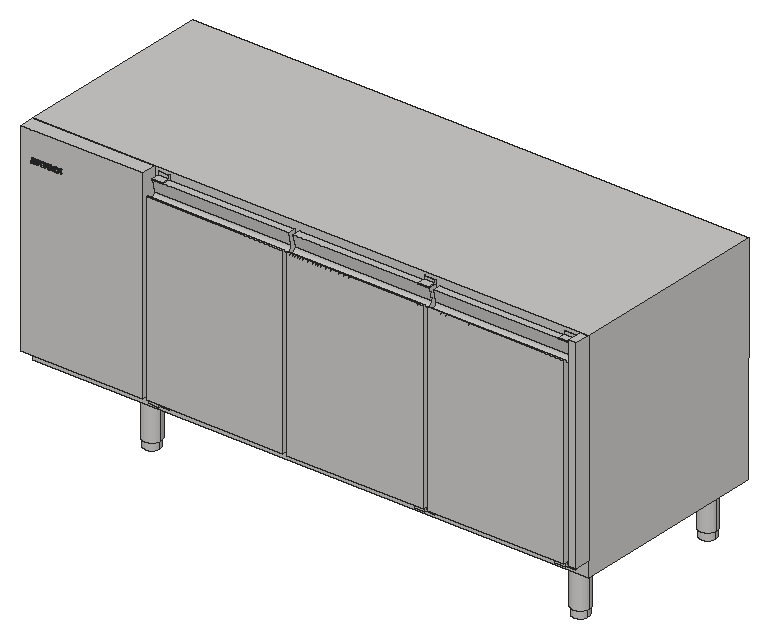
Revit family "QF_ALPENINOX_712199_AK3F7AAA", category Specialty Equipment, Revit 2018 (continued)
Definition of nested family "APX_BI_BT_L"
  Automatic sketch dimensions
    Extrusion 4 sketch curve to Extrusion 4 sketch curve = 2.288 mm  (x2)
    Extrusion 4 sketch curve to Extrusion 4 sketch curve = 0.533 mm  (x4)
    Extrusion 4 sketch curve to Extrusion 4 sketch curve = 0.732 mm
    Extrusion 4 sketch curve to Extrusion 4 sketch curve = 0.14 mm  (x4)
    Extrusion 4 sketch curve to Extrusion 4 sketch curve = 0.075 mm
    Extrusion 4 sketch curve to Extrusion 4 sketch curve = 0.31 mm  (x2)
    Extrusion 4 sketch curve to Extrusion 4 sketch curve = 0.473 mm
    Extrusion 4 sketch curve to Extrusion 4 sketch curve = 0.171 mm
    Extrusion 4 sketch curve to Extrusion 4 sketch curve = 0.674 mm
    Extrusion 4 sketch curve to Extrusion 4 sketch curve = 1.992 mm
    Extrusion 4 sketch curve to Extrusion 4 sketch curve = 5.4 mm
    Extrusion 4 sketch curve to Extrusion 4 sketch curve = 3.473 mm  (x2)
    Extrusion 4 sketch curve to Extrusion 4 sketch curve = 2.32 mm
    Extrusion 4 sketch curve to Extrusion 4 sketch curve = 2.431 mm
    Extrusion 4 sketch curve to Extrusion 4 sketch curve = 1.177 mm
    Extrusion 4 sketch curve to Extrusion 4 sketch curve = 0.966 mm
    Extrusion 4 sketch curve to Extrusion 4 sketch curve = 2.544 mm
    Extrusion 4 sketch curve to Extrusion 4 sketch curve = 0.346 mm
    Extrusion 4 sketch curve to Extrusion 4 sketch curve = 0.037 mm
    Extrusion 4 sketch curve to Extrusion 4 sketch curve = 2.58 mm  (x2)
    Extrusion 4 sketch curve to Extrusion 4 sketch curve = 0.793 mm  (x2)
    Extrusion 4 sketch curve to Extrusion 4 sketch curve = 0.276 mm
    Extrusion 4 sketch curve to Extrusion 4 sketch curve = 3.452 mm  (x2)
    Extrusion 4 sketch curve to Extrusion 4 sketch curve = 1.238 mm
    Extrusion 4 sketch curve to Extrusion 4 sketch curve = 3.023 mm
    Extrusion 4 sketch curve to Extrusion 4 sketch curve = 0.834 mm  (x2)
    Extrusion 4 sketch curve to Extrusion 4 sketch curve = 0.529 mm
    Extrusion 4 sketch curve to Extrusion 4 sketch curve = 0.823 mm  (x2)
    Extrusion 4 sketch curve to Extrusion 4 sketch curve = 0.947 mm
    Extrusion 4 sketch curve to Extrusion 4 sketch curve = 3.837 mm
    Extrusion 4 sketch curve to Extrusion 4 sketch curve = 0.623 mm
    Extrusion 4 sketch curve to Extrusion 4 sketch curve = 1.082 mm
    Extrusion 4 sketch curve to Extrusion 4 sketch curve = 0.801 mm
    Extrusion 4 sketch curve to Extrusion 4 sketch curve = 1 mm
    Extrusion 4 sketch curve to Extrusion 4 sketch curve = 0.089 mm
    Extrusion 4 sketch curve to Extrusion 4 sketch curve = 4.257 mm
    Extrusion 4 sketch curve to Extrusion 4 sketch curve = 4.345 mm  (x2)
    Extrusion 4 sketch curve to Extrusion 4 sketch curve = 2.576 mm
    Extrusion 4 sketch curve to Extrusion 4 sketch curve = 1.385 mm  (x4)
    Extrusion 4 sketch curve to Extrusion 4 sketch curve = 2.133 mm  (x4)
    Extrusion 4 sketch curve to Extrusion 4 sketch curve = 3.518 mm
    Extrusion 4 sketch curve to Extrusion 4 sketch curve = 3.032 mm
    Split face 198 sketch curve to Extrusion 2 = 0 mm  (x2)
    Split face 198 sketch curve to Extrusion 2 = 34 mm
    Split face 198 sketch curve to Extrusion 2 = 104 mm
    Split face 198 sketch curve to Split face 198 sketch curve = 17.5 mm
    Split face 134 sketch curve to Extrusion 2 = 135.544 mm
    Split face 134 sketch curve to Extrusion 2 = 128.176 mm
    Split face 135 sketch curve to Extrusion 2 = 80.544 mm
    Split face 135 sketch curve to Extrusion 2 = 128.176 mm
    Split face 136 sketch curve to Extrusion 2 = 135.544 mm
    Split face 136 sketch curve to Extrusion 2 = 140.176 mm
    Split face 137 sketch curve to Extrusion 2 = 80.544 mm
    Split face 137 sketch curve to Extrusion 2 = 140.176 mm
    Split face 138 sketch curve to Extrusion 2 = 135.544 mm
    Split face 138 sketch curve to Extrusion 2 = 152.176 mm
    Split face 139 sketch curve to Extrusion 2 = 80.544 mm
    Split face 139 sketch curve to Extrusion 2 = 152.176 mm
    Split face 140 sketch curve to Extrusion 2 = 135.544 mm
    Split face 140 sketch curve to Extrusion 2 = 164.176 mm
    Split face 141 sketch curve to Extrusion 2 = 80.544 mm
    Split face 141 sketch curve to Extrusion 2 = 164.176 mm
    Split face 142 sketch curve to Extrusion 2 = 135.544 mm
    Split face 142 sketch curve to Extrusion 2 = 176.176 mm
    Split face 143 sketch curve to Extrusion 2 = 80.544 mm
    Split face 143 sketch curve to Extrusion 2 = 176.176 mm
    Split face 144 sketch curve to Extrusion 2 = 135.544 mm
    Split face 144 sketch curve to Extrusion 2 = 188.176 mm
    Split face 145 sketch curve to Extrusion 2 = 80.544 mm
    Split face 145 sketch curve to Extrusion 2 = 188.176 mm
    Split face 146 sketch curve to Extrusion 2 = 135.544 mm
    Split face 146 sketch curve to Extrusion 2 = 200.176 mm
    Split face 147 sketch curve to Extrusion 2 = 80.544 mm
    Split face 147 sketch curve to Extrusion 2 = 200.176 mm
    Split face 148 sketch curve to Extrusion 2 = 135.544 mm
    Split face 148 sketch curve to Extrusion 2 = 212.176 mm
    Split face 149 sketch curve to Extrusion 2 = 80.544 mm
    Split face 149 sketch curve to Extrusion 2 = 212.176 mm
    Split face 150 sketch curve to Extrusion 2 = 135.544 mm
    Split face 150 sketch curve to Extrusion 2 = 224.176 mm
    Split face 151 sketch curve to Extrusion 2 = 80.544 mm
    Split face 151 sketch curve to Extrusion 2 = 224.176 mm
    Split face 152 sketch curve to Extrusion 2 = 135.544 mm
    Split face 152 sketch curve to Extrusion 2 = 236.176 mm
    Split face 153 sketch curve to Extrusion 2 = 80.544 mm
    Split face 153 sketch curve to Extrusion 2 = 236.176 mm
    Split face 154 sketch curve to Extrusion 2 = 135.544 mm
    Split face 154 sketch curve to Extrusion 2 = 248.176 mm
    Split face 155 sketch curve to Extrusion 2 = 80.544 mm
    Split face 155 sketch curve to Extrusion 2 = 248.176 mm
    Split face 156 sketch curve to Extrusion 2 = 135.544 mm
    Split face 156 sketch curve to Extrusion 2 = 260.176 mm
    Split face 157 sketch curve to Extrusion 2 = 80.544 mm
    Split face 157 sketch curve to Extrusion 2 = 260.176 mm
    Split face 158 sketch curve to Extrusion 2 = 135.544 mm
    Split face 158 sketch curve to Extrusion 2 = 272.176 mm
    Split face 159 sketch curve to Extrusion 2 = 80.544 mm
    Split face 159 sketch curve to Extrusion 2 = 272.176 mm
    Split face 160 sketch curve to Extrusion 2 = 135.544 mm
    Split face 160 sketch curve to Extrusion 2 = 284.176 mm
    Split face 161 sketch curve to Extrusion 2 = 80.544 mm
    Split face 161 sketch curve to Extrusion 2 = 284.176 mm
    Split face 162 sketch curve to Extrusion 2 = 135.544 mm
    Split face 162 sketch curve to Extrusion 2 = 296.176 mm
    Split face 163 sketch curve to Extrusion 2 = 80.544 mm
    Split face 163 sketch curve to Extrusion 2 = 296.176 mm
    Split face 164 sketch curve to Extrusion 2 = 135.544 mm
    Split face 164 sketch curve to Extrusion 2 = 308.176 mm
    Split face 165 sketch curve to Extrusion 2 = 80.544 mm
    Split face 165 sketch curve to Extrusion 2 = 308.176 mm
    Split face 166 sketch curve to Extrusion 2 = 135.544 mm
    Split face 166 sketch curve to Extrusion 2 = 192.174 mm
    Split face 167 sketch curve to Extrusion 2 = 80.544 mm
    Split face 167 sketch curve to Extrusion 2 = 192.174 mm
    Split face 168 sketch curve to Extrusion 2 = 135.544 mm
    Split face 168 sketch curve to Extrusion 2 = 180.174 mm
    Split face 169 sketch curve to Extrusion 2 = 80.544 mm
    Split face 169 sketch curve to Extrusion 2 = 180.174 mm
    Split face 170 sketch curve to Extrusion 2 = 135.544 mm
    Split face 170 sketch curve to Extrusion 2 = 168.174 mm
    Split face 171 sketch curve to Extrusion 2 = 80.544 mm
    Split face 171 sketch curve to Extrusion 2 = 168.174 mm
    Split face 172 sketch curve to Extrusion 2 = 135.544 mm
    Split face 172 sketch curve to Extrusion 2 = 156.174 mm
    Split face 173 sketch curve to Extrusion 2 = 80.544 mm
    Split face 173 sketch curve to Extrusion 2 = 156.174 mm
    Split face 174 sketch curve to Extrusion 2 = 135.544 mm
    Split face 174 sketch curve to Extrusion 2 = 144.174 mm
    Split face 175 sketch curve to Extrusion 2 = 80.544 mm
    Split face 175 sketch curve to Extrusion 2 = 144.174 mm
    Split face 176 sketch curve to Extrusion 2 = 135.544 mm
    Split face 176 sketch curve to Extrusion 2 = 132.174 mm
    Split face 177 sketch curve to Extrusion 2 = 80.544 mm
    Split face 177 sketch curve to Extrusion 2 = 132.174 mm
    Split face 178 sketch curve to Extrusion 2 = 135.544 mm
    Split face 178 sketch curve to Extrusion 2 = 120.174 mm
    Split face 179 sketch curve to Extrusion 2 = 80.544 mm
    Split face 179 sketch curve to Extrusion 2 = 120.174 mm
    Split face 180 sketch curve to Extrusion 2 = 135.544 mm
    Split face 180 sketch curve to Extrusion 2 = 108.174 mm
    Split face 181 sketch curve to Extrusion 2 = 80.544 mm
    Split face 181 sketch curve to Extrusion 2 = 108.174 mm
    Split face 182 sketch curve to Extrusion 2 = 135.544 mm
    Split face 182 sketch curve to Extrusion 2 = 96.174 mm
    Split face 183 sketch curve to Extrusion 2 = 80.544 mm
    Split face 183 sketch curve to Extrusion 2 = 96.174 mm
    Split face 184 sketch curve to Extrusion 2 = 135.544 mm
    Split face 184 sketch curve to Extrusion 2 = 84.174 mm
    Split face 185 sketch curve to Extrusion 2 = 80.544 mm
    Split face 185 sketch curve to Extrusion 2 = 84.174 mm
    Split face 186 sketch curve to Extrusion 2 = 135.544 mm
    Split face 186 sketch curve to Extrusion 2 = 72.174 mm
    Split face 187 sketch curve to Extrusion 2 = 80.544 mm
    Split face 187 sketch curve to Extrusion 2 = 72.174 mm
    Split face 188 sketch curve to Extrusion 2 = 135.544 mm
    Split face 188 sketch curve to Extrusion 2 = 60.174 mm
    Split face 189 sketch curve to Extrusion 2 = 80.544 mm
    Split face 189 sketch curve to Extrusion 2 = 60.174 mm
    Split face 190 sketch curve to Extrusion 2 = 56.174 mm
    Split face 190 sketch curve to Extrusion 2 = 135.544 mm
    Split face 191 sketch curve to Extrusion 2 = 80.544 mm
    Split face 191 sketch curve to Extrusion 2 = 48.174 mm
    Split face 192 sketch curve to Extrusion 2 = 44.174 mm
    Split face 192 sketch curve to Extrusion 2 = 135.544 mm
    Split face 193 sketch curve to Extrusion 2 = 80.544 mm
    Split face 193 sketch curve to Extrusion 2 = 36.174 mm
    Split face 194 sketch curve to Extrusion 2 = 32.174 mm
    Split face 194 sketch curve to Extrusion 2 = 135.544 mm
    Split face 195 sketch curve to Extrusion 2 = 32.174 mm
    Split face 195 sketch curve to Extrusion 2 = 80.544 mm
    Split face 196 sketch curve to Extrusion 2 = 20.174 mm
    Split face 196 sketch curve to Extrusion 2 = 135.544 mm
    Split face 197 sketch curve to Extrusion 2 = 20.174 mm
    Split face 197 sketch curve to Extrusion 2 = 80.544 mm
    Split face 4 sketch curve to Extrusion 2 = 38.456 mm
    Split face 4 sketch curve to Extrusion 2 = 128.176 mm
    Split face 5 sketch curve to Extrusion 2 = 190.544 mm
    Split face 5 sketch curve to Extrusion 2 = 128.176 mm
    Split face 6 sketch curve to Extrusion 2 = 93.456 mm
    Split face 6 sketch curve to Extrusion 2 = 128.176 mm
    Split face 7 sketch curve to Extrusion 2 = 148.456 mm
    Split face 7 sketch curve to Extrusion 2 = 128.176 mm
    Split face 9 sketch curve to Extrusion 2 = 38.456 mm
    Split face 9 sketch curve to Extrusion 2 = 140.176 mm
    Split face 10 sketch curve to Extrusion 2 = 190.544 mm
    Split face 10 sketch curve to Extrusion 2 = 140.176 mm
    Split face 11 sketch curve to Extrusion 2 = 93.456 mm
    Split face 11 sketch curve to Extrusion 2 = 140.176 mm
    Split face 12 sketch curve to Extrusion 2 = 148.456 mm
    Split face 12 sketch curve to Extrusion 2 = 140.176 mm
    Split face 13 sketch curve to Extrusion 2 = 38.456 mm
    Split face 13 sketch curve to Extrusion 2 = 152.176 mm
    Split face 14 sketch curve to Extrusion 2 = 190.544 mm
    Split face 14 sketch curve to Extrusion 2 = 152.176 mm
    Split face 15 sketch curve to Extrusion 2 = 93.456 mm
    Split face 15 sketch curve to Extrusion 2 = 152.176 mm
    Split face 16 sketch curve to Extrusion 2 = 148.456 mm
    Split face 16 sketch curve to Extrusion 2 = 152.176 mm
    Split face 17 sketch curve to Extrusion 2 = 38.456 mm
    Split face 17 sketch curve to Extrusion 2 = 164.176 mm
    Split face 18 sketch curve to Extrusion 2 = 190.544 mm
    Split face 18 sketch curve to Extrusion 2 = 164.176 mm
    Split face 19 sketch curve to Extrusion 2 = 93.456 mm
    Split face 19 sketch curve to Extrusion 2 = 164.176 mm
    Split face 20 sketch curve to Extrusion 2 = 148.456 mm
    Split face 20 sketch curve to Extrusion 2 = 164.176 mm
    Split face 21 sketch curve to Extrusion 2 = 38.456 mm
    Split face 21 sketch curve to Extrusion 2 = 176.176 mm
    Split face 22 sketch curve to Extrusion 2 = 190.544 mm
    Split face 22 sketch curve to Extrusion 2 = 176.176 mm
    Split face 23 sketch curve to Extrusion 2 = 93.456 mm
    Split face 23 sketch curve to Extrusion 2 = 176.176 mm
    Split face 24 sketch curve to Extrusion 2 = 148.456 mm
    Split face 24 sketch curve to Extrusion 2 = 176.176 mm
    Split face 25 sketch curve to Extrusion 2 = 38.456 mm
    Split face 25 sketch curve to Extrusion 2 = 188.176 mm
    Split face 26 sketch curve to Extrusion 2 = 190.544 mm
    Split face 26 sketch curve to Extrusion 2 = 188.176 mm
    Split face 27 sketch curve to Extrusion 2 = 93.456 mm
    Split face 27 sketch curve to Extrusion 2 = 188.176 mm
    Split face 28 sketch curve to Extrusion 2 = 148.456 mm
    Split face 28 sketch curve to Extrusion 2 = 188.176 mm
    Split face 29 sketch curve to Extrusion 2 = 38.456 mm
    Split face 29 sketch curve to Extrusion 2 = 200.176 mm
    Split face 30 sketch curve to Extrusion 2 = 190.544 mm
    Split face 30 sketch curve to Extrusion 2 = 200.176 mm
    Split face 31 sketch curve to Extrusion 2 = 93.456 mm
    Split face 31 sketch curve to Extrusion 2 = 200.176 mm
    Split face 32 sketch curve to Extrusion 2 = 148.456 mm
    Split face 32 sketch curve to Extrusion 2 = 200.176 mm
    Split face 33 sketch curve to Extrusion 2 = 38.456 mm
    Split face 33 sketch curve to Extrusion 2 = 212.176 mm
    Split face 34 sketch curve to Extrusion 2 = 190.544 mm
    Split face 34 sketch curve to Extrusion 2 = 212.176 mm
    Split face 35 sketch curve to Extrusion 2 = 93.456 mm
    Split face 35 sketch curve to Extrusion 2 = 212.176 mm
    Split face 36 sketch curve to Extrusion 2 = 148.456 mm
    Split face 36 sketch curve to Extrusion 2 = 212.176 mm
    Split face 37 sketch curve to Extrusion 2 = 38.456 mm
    Split face 37 sketch curve to Extrusion 2 = 224.176 mm
    Split face 38 sketch curve to Extrusion 2 = 190.544 mm
    Split face 38 sketch curve to Extrusion 2 = 224.176 mm
    Split face 39 sketch curve to Extrusion 2 = 93.456 mm
    Split face 39 sketch curve to Extrusion 2 = 224.176 mm
    Split face 40 sketch curve to Extrusion 2 = 148.456 mm
    Split face 40 sketch curve to Extrusion 2 = 224.176 mm
    Split face 41 sketch curve to Extrusion 2 = 38.456 mm
    Split face 41 sketch curve to Extrusion 2 = 236.176 mm
    Split face 42 sketch curve to Extrusion 2 = 190.544 mm
    Split face 42 sketch curve to Extrusion 2 = 236.176 mm
    Split face 43 sketch curve to Extrusion 2 = 93.456 mm
    Split face 43 sketch curve to Extrusion 2 = 236.176 mm
    Split face 44 sketch curve to Extrusion 2 = 148.456 mm
    Split face 44 sketch curve to Extrusion 2 = 236.176 mm
    Split face 45 sketch curve to Extrusion 2 = 38.456 mm
    Split face 45 sketch curve to Extrusion 2 = 248.176 mm
    Split face 46 sketch curve to Extrusion 2 = 190.544 mm
    Split face 46 sketch curve to Extrusion 2 = 248.176 mm
    Split face 47 sketch curve to Extrusion 2 = 93.456 mm
    Split face 47 sketch curve to Extrusion 2 = 248.176 mm
    Split face 48 sketch curve to Extrusion 2 = 148.456 mm
    Split face 48 sketch curve to Extrusion 2 = 248.176 mm
    Split face 49 sketch curve to Extrusion 2 = 38.456 mm
    Split face 49 sketch curve to Extrusion 2 = 260.176 mm
    Split face 50 sketch curve to Extrusion 2 = 190.544 mm
    Split face 50 sketch curve to Extrusion 2 = 260.176 mm
    Split face 51 sketch curve to Extrusion 2 = 93.456 mm
    Split face 51 sketch curve to Extrusion 2 = 260.176 mm
    Split face 52 sketch curve to Extrusion 2 = 148.456 mm
    Split face 52 sketch curve to Extrusion 2 = 260.176 mm
    Split face 53 sketch curve to Extrusion 2 = 38.456 mm
    Split face 53 sketch curve to Extrusion 2 = 272.176 mm
    Split face 54 sketch curve to Extrusion 2 = 190.544 mm
    Split face 54 sketch curve to Extrusion 2 = 272.176 mm
    Split face 55 sketch curve to Extrusion 2 = 93.456 mm
    Split face 55 sketch curve to Extrusion 2 = 272.176 mm
    Split face 56 sketch curve to Extrusion 2 = 148.456 mm
    Split face 56 sketch curve to Extrusion 2 = 272.176 mm
    Split face 57 sketch curve to Extrusion 2 = 38.456 mm
    Split face 57 sketch curve to Extrusion 2 = 284.176 mm
    Split face 58 sketch curve to Extrusion 2 = 190.544 mm
    Split face 58 sketch curve to Extrusion 2 = 284.176 mm
    Split face 59 sketch curve to Extrusion 2 = 93.456 mm
    Split face 59 sketch curve to Extrusion 2 = 284.176 mm
    Split face 60 sketch curve to Extrusion 2 = 148.456 mm
    Split face 60 sketch curve to Extrusion 2 = 284.176 mm
    Split face 61 sketch curve to Extrusion 2 = 38.456 mm
    Split face 61 sketch curve to Extrusion 2 = 296.176 mm
    Split face 62 sketch curve to Extrusion 2 = 190.544 mm
    Split face 62 sketch curve to Extrusion 2 = 296.176 mm
    Split face 63 sketch curve to Extrusion 2 = 93.456 mm
    Split face 63 sketch curve to Extrusion 2 = 296.176 mm
    Split face 64 sketch curve to Extrusion 2 = 148.456 mm
    Split face 64 sketch curve to Extrusion 2 = 296.176 mm
    Split face 65 sketch curve to Extrusion 2 = 38.456 mm
    Split face 65 sketch curve to Extrusion 2 = 308.176 mm
    Split face 66 sketch curve to Extrusion 2 = 190.544 mm
    Split face 66 sketch curve to Extrusion 2 = 308.176 mm
    Split face 67 sketch curve to Extrusion 2 = 93.456 mm
    Split face 67 sketch curve to Extrusion 2 = 308.176 mm
    Split face 68 sketch curve to Extrusion 2 = 148.456 mm
    Split face 68 sketch curve to Extrusion 2 = 308.176 mm
    Split face 70 sketch curve to Extrusion 2 = 38.456 mm
    Split face 70 sketch curve to Extrusion 2 = 192.174 mm
    Split face 71 sketch curve to Extrusion 2 = 190.544 mm
    Split face 71 sketch curve to Extrusion 2 = 192.174 mm
    Split face 72 sketch curve to Extrusion 2 = 93.456 mm
    Split face 72 sketch curve to Extrusion 2 = 192.174 mm
    Split face 73 sketch curve to Extrusion 2 = 148.456 mm
    Split face 73 sketch curve to Extrusion 2 = 192.174 mm
    Split face 74 sketch curve to Extrusion 2 = 38.456 mm
    Split face 74 sketch curve to Extrusion 2 = 180.174 mm
    Split face 75 sketch curve to Extrusion 2 = 190.544 mm
    Split face 75 sketch curve to Extrusion 2 = 180.174 mm
    Split face 76 sketch curve to Extrusion 2 = 93.456 mm
    Split face 76 sketch curve to Extrusion 2 = 180.174 mm
    Split face 77 sketch curve to Extrusion 2 = 148.456 mm
    Split face 77 sketch curve to Extrusion 2 = 180.174 mm
    Split face 78 sketch curve to Extrusion 2 = 38.456 mm
    Split face 78 sketch curve to Extrusion 2 = 168.174 mm
    Split face 79 sketch curve to Extrusion 2 = 190.544 mm
    Split face 79 sketch curve to Extrusion 2 = 168.174 mm
    Split face 80 sketch curve to Extrusion 2 = 93.456 mm
    Split face 80 sketch curve to Extrusion 2 = 168.174 mm
    Split face 81 sketch curve to Extrusion 2 = 148.456 mm
    Split face 81 sketch curve to Extrusion 2 = 168.174 mm
    Split face 82 sketch curve to Extrusion 2 = 38.456 mm
    Split face 82 sketch curve to Extrusion 2 = 156.174 mm
    Split face 83 sketch curve to Extrusion 2 = 190.544 mm
    Split face 83 sketch curve to Extrusion 2 = 156.174 mm
    Split face 84 sketch curve to Extrusion 2 = 93.456 mm
    Split face 84 sketch curve to Extrusion 2 = 156.174 mm
    Split face 85 sketch curve to Extrusion 2 = 148.456 mm
    Split face 85 sketch curve to Extrusion 2 = 156.174 mm
    Split face 86 sketch curve to Extrusion 2 = 38.456 mm
    Split face 86 sketch curve to Extrusion 2 = 144.174 mm
    Split face 87 sketch curve to Extrusion 2 = 190.544 mm
    Split face 87 sketch curve to Extrusion 2 = 144.174 mm
    Split face 88 sketch curve to Extrusion 2 = 93.456 mm
    Split face 88 sketch curve to Extrusion 2 = 144.174 mm
    Split face 89 sketch curve to Extrusion 2 = 148.456 mm
    Split face 89 sketch curve to Extrusion 2 = 144.174 mm
    Split face 90 sketch curve to Extrusion 2 = 38.456 mm
    Split face 90 sketch curve to Extrusion 2 = 132.174 mm
    Split face 91 sketch curve to Extrusion 2 = 190.544 mm
    Split face 91 sketch curve to Extrusion 2 = 132.174 mm
    Split face 92 sketch curve to Extrusion 2 = 93.456 mm
    Split face 92 sketch curve to Extrusion 2 = 132.174 mm
    Split face 93 sketch curve to Extrusion 2 = 148.456 mm
    Split face 93 sketch curve to Extrusion 2 = 132.174 mm
    Split face 94 sketch curve to Extrusion 2 = 38.456 mm
    Split face 94 sketch curve to Extrusion 2 = 120.174 mm
    Split face 95 sketch curve to Extrusion 2 = 190.544 mm
    Split face 95 sketch curve to Extrusion 2 = 120.174 mm
    Split face 96 sketch curve to Extrusion 2 = 93.456 mm
    Split face 96 sketch curve to Extrusion 2 = 120.174 mm
    Split face 97 sketch curve to Extrusion 2 = 148.456 mm
    Split face 97 sketch curve to Extrusion 2 = 120.174 mm
    Split face 98 sketch curve to Extrusion 2 = 38.456 mm
    Split face 98 sketch curve to Extrusion 2 = 108.174 mm
    Split face 99 sketch curve to Extrusion 2 = 190.544 mm
    Split face 99 sketch curve to Extrusion 2 = 108.174 mm
    Split face 100 sketch curve to Extrusion 2 = 93.456 mm
    Split face 100 sketch curve to Extrusion 2 = 108.174 mm
    Split face 101 sketch curve to Extrusion 2 = 148.456 mm
    Split face 101 sketch curve to Extrusion 2 = 108.174 mm
    Split face 102 sketch curve to Extrusion 2 = 38.456 mm
    Split face 102 sketch curve to Extrusion 2 = 96.174 mm
    Split face 103 sketch curve to Extrusion 2 = 190.544 mm
    Split face 103 sketch curve to Extrusion 2 = 96.174 mm
    Split face 104 sketch curve to Extrusion 2 = 93.456 mm
    Split face 104 sketch curve to Extrusion 2 = 96.174 mm
    Split face 105 sketch curve to Extrusion 2 = 148.456 mm
    Split face 105 sketch curve to Extrusion 2 = 96.174 mm
    Split face 106 sketch curve to Extrusion 2 = 38.456 mm
    Split face 106 sketch curve to Extrusion 2 = 84.174 mm
    Split face 107 sketch curve to Extrusion 2 = 92.174 mm
    Split face 107 sketch curve to Extrusion 2 = 190.544 mm
    Split face 108 sketch curve to Extrusion 2 = 93.456 mm
    Split face 108 sketch curve to Extrusion 2 = 84.174 mm
    Split face 109 sketch curve to Extrusion 2 = 148.456 mm
    Split face 109 sketch curve to Extrusion 2 = 84.174 mm
    Split face 110 sketch curve to Extrusion 2 = 38.456 mm
    Split face 110 sketch curve to Extrusion 2 = 72.174 mm
    Split face 111 sketch curve to Extrusion 2 = 80.174 mm
    Split face 111 sketch curve to Extrusion 2 = 190.544 mm
    Split face 112 sketch curve to Extrusion 2 = 93.456 mm
    Split face 112 sketch curve to Extrusion 2 = 72.174 mm
    Split face 113 sketch curve to Extrusion 2 = 148.456 mm
    Split face 113 sketch curve to Extrusion 2 = 72.174 mm
    Split face 114 sketch curve to Extrusion 2 = 38.456 mm
    Split face 114 sketch curve to Extrusion 2 = 60.174 mm
    Split face 115 sketch curve to Extrusion 2 = 68.174 mm
    Split face 115 sketch curve to Extrusion 2 = 190.544 mm
    Split face 116 sketch curve to Extrusion 2 = 93.456 mm
    Split face 116 sketch curve to Extrusion 2 = 60.174 mm
    Split face 117 sketch curve to Extrusion 2 = 68.174 mm
    Split face 117 sketch curve to Extrusion 2 = 148.456 mm
    Split face 118 sketch curve to Extrusion 2 = 38.456 mm
    Split face 118 sketch curve to Extrusion 2 = 48.174 mm
    Split face 119 sketch curve to Extrusion 2 = 56.174 mm
    Split face 119 sketch curve to Extrusion 2 = 190.544 mm
    Split face 120 sketch curve to Extrusion 2 = 93.456 mm
    Split face 120 sketch curve to Extrusion 2 = 48.174 mm
    Split face 121 sketch curve to Extrusion 2 = 56.174 mm
    Split face 121 sketch curve to Extrusion 2 = 148.456 mm
    Split face 122 sketch curve to Extrusion 2 = 38.456 mm
    Split face 122 sketch curve to Extrusion 2 = 36.174 mm
    Split face 123 sketch curve to Extrusion 2 = 44.174 mm
    Split face 123 sketch curve to Extrusion 2 = 190.544 mm
    Split face 124 sketch curve to Extrusion 2 = 44.174 mm
    Split face 124 sketch curve to Extrusion 2 = 93.456 mm
    Split face 125 sketch curve to Extrusion 2 = 44.174 mm
    Split face 125 sketch curve to Extrusion 2 = 148.456 mm
    Split face 126 sketch curve to Extrusion 2 = 38.456 mm
    Split face 126 sketch curve to Extrusion 2 = 24.174 mm
    Split face 127 sketch curve to Extrusion 2 = 32.174 mm
    Split face 127 sketch curve to Extrusion 2 = 190.544 mm
    Split face 128 sketch curve to Extrusion 2 = 32.174 mm
    Split face 128 sketch curve to Extrusion 2 = 93.456 mm
    Split face 129 sketch curve to Extrusion 2 = 32.174 mm
    Split face 129 sketch curve to Extrusion 2 = 148.456 mm
    Split face 130 sketch curve to Extrusion 2 = 38.456 mm
    Split face 130 sketch curve to Extrusion 2 = 12.174 mm
    Split face 131 sketch curve to Extrusion 2 = 20.174 mm
    Split face 131 sketch curve to Extrusion 2 = 190.544 mm
    Split face 132 sketch curve to Extrusion 2 = 20.174 mm
    Split face 132 sketch curve to Extrusion 2 = 93.456 mm
    Split face 133 sketch curve to Extrusion 2 = 20.174 mm
    Split face 133 sketch curve to Extrusion 2 = 148.456 mm
    curve 1 to level = 0 mm
    curve 1 to plane 5 = 0 mm
    curve 1 to curve 1 = 50 mm
Definition of nested family "APX_SD_L"
  Parameters
    Show Clearance [instance] = yes
    Default Elevation = 1219.2 mm
  Reference planes
    plane 1 "Center (Front/Back)": y = 0
    plane 2: z = 0
    plane 3 "Center (Left/Right)": x = 0
    plane 4: x = -234
    plane 5: x = 234
  Forms (mm)
    Extrusion 1, solid
      sketch origin (0, 0, 0) x (1, 0, 0) y (0, 1, 0)
        loop
          line (-1219.2, 1219.2) -> (-1219.2, -1219.2) -> (1219.2, -1219.2) -> (1219.2, 1219.2) -> (-1219.2, 1219.2)
      from 0 to -304.8
    Extrusion 2, solid
      sketch origin (0, 0, -3) x (0, 1, 0) y (0, 0, 1)
        loop
          line (-314, 53) -> (-314, 3) -> (314, 3) -> (314, 29) -> (274.395, 20)
          arc (274.395, 20) -> (260.396, 33.803) -> (274, 47.994) r 14
          line (274, 47.994) -> (274, 53) -> (-314, 53)
      from -220 to 220
    Extrusion 3, solid
      sketch origin (0, 0, 0) x (0, 1, 0) y (0, 0, -1)
        loop
          line (-323.003, -40.312) -> (-323.003, -12.259) -> (-323.003, 0) -> (-351.511, 0) -> (-351.511, -2.5) -> (-325.503, -2.5) -> (-325.503, -42.812) -> (-316.501, -42.812) -> (-316.501, -40.312) -> (-323.003, -40.312)
        loop
          line (-314, -38.311) -> (-314, -11.804) -> (-319.752, -11.804) -> (-319.752, -14.304) -> (-316.501, -14.304) -> (-316.501, -38.311) -> (-314, -38.311)
        loop
          line (315.003, -27.948) -> (317.503, -27.948) -> (317.503, -2.5) -> (327.503, -2.5) -> (327.503, 0) -> (315.003, 0) -> (315.003, -2.948) -> (315.003, -27.948)
      from 185 to 220
    Extrusion 4, solid, visible <- "Show Clearance", detail levels coarse
      sketch origin (0, 0, -3) x (-1, 0, 0) y (0, 0, -1)
        loop
          line (220, -53) -> (-220, -53)
          arc (-220, -53) -> (-79.636, -340.04) -> (220, -451) r 430
          line (220, -451) -> (220, -53)
      from -314 to 314
  Lines and regions (mm)
    symbolic lines
      curve 1: arc (219.599, 0, 55) -> (95.934, 0, 321.503) -> (-170, 0, 446.39) r 430
      curve 2: line (-220, 0, 55) -> (-220, 0, 448)
      curve 3: line (-170, 0, 55) -> (-170, 0, 448)
      curve 4: line (-220, 0, 448) -> (-170, 0, 448)
  Dimensions and locks
    plane 4 to plane 3 "Center (Left/Right)" to plane 5 = 234 mm locked, 234 mm locked
    aligned and locked: plane 2 to Extrusion 1
    aligned and locked: level to Extrusion 1
Definition of nested family "APX_SD_R"
  Parameters
    Show Clearance [instance] = yes
    Default Elevation = 1219.2 mm
  Reference planes
    plane 1 "Center (Front/Back)": y = 0
    plane 2: z = 0
    plane 3 "Center (Left/Right)": x = 0
    plane 4: x = -234
    plane 5: x = 234
  Forms (mm)
    Extrusion 1, solid
      sketch origin (0, 0, 0) x (1, 0, 0) y (0, 1, 0)
        loop
          line (-1219.2, 1219.2) -> (-1219.2, -1219.2) -> (1219.2, -1219.2) -> (1219.2, 1219.2) -> (-1219.2, 1219.2)
      from 0 to -304.8
    Extrusion 2, solid
      sketch origin (0, 0, -3) x (0, 1, 0) y (0, 0, -1)
        loop
          line (-314, -53) -> (274, -53) -> (274, -47.994)
          arc (274, -47.994) -> (260.396, -33.803) -> (274.395, -20) r 14
          line (274.395, -20) -> (314, -29) -> (314, -3) -> (-314, -3) -> (-314, -53)
      from -220 to 220
    Extrusion 3, solid
      sketch origin (0, 0, 0) x (0, 1, 0) y (0, 0, 1)
        loop
          line (-323.003, 40.312) -> (-316.501, 40.312) -> (-316.501, 42.812) -> (-325.503, 42.812) -> (-325.503, 2.5) -> (-351.511, 2.5) -> (-351.511, 0) -> (-323.003, 0) -> (-323.003, 12.259) -> (-323.003, 40.312)
        loop
          line (-314, 38.311) -> (-316.501, 38.311) -> (-316.501, 14.304) -> (-319.752, 14.304) -> (-319.752, 11.804) -> (-314, 11.804) -> (-314, 38.311)
        loop
          line (315.003, 27.948) -> (315.003, 2.948) -> (315.003, 0) -> (327.503, 0) -> (327.503, 2.5) -> (317.503, 2.5) -> (317.503, 27.948) -> (315.003, 27.948)
      from 185 to 220
    Extrusion 4, solid, visible <- "Show Clearance", detail levels coarse
      sketch origin (0, 0, -3) x (1, 0, 0) y (0, 0, 1)
        loop
          line (220, 53) -> (220, 451)
          arc (220, 451) -> (-79.636, 340.04) -> (-220, 53) r 430
          line (-220, 53) -> (220, 53)
      from -314 to 314
  Lines and regions (mm)
    symbolic lines
      curve 1: arc (-219.599, 0, 55) -> (-95.934, 0, 321.503) -> (170, 0, 446.39) r 430
      curve 2: line (220, 0, 55) -> (220, 0, 448)
      curve 3: line (170, 0, 55) -> (170, 0, 448)
      curve 4: line (220, 0, 448) -> (170, 0, 448)
  Dimensions and locks
    plane 4 to plane 3 "Center (Left/Right)" to plane 5 = 234 mm locked, 234 mm locked
    aligned and locked: plane 2 to Extrusion 1
    aligned and locked: level to Extrusion 1
Definition of nested family "Freezer"
  Reference planes
    plane 1 "Center (Front/Back)": y = 0
    plane 2: z = 0
    plane 3 "Center (Left/Right)": x = 0
  Lines and regions (mm)
    detail lines, in view "Ref. Level"
      curve 1: spline (-500, 190, 0) -> (-493.185, 166.706, 0) -> (-473.205, 145, 0) -> (-441.421, 126.36, 0) -> (-400, 112.058, 0) -> (-351.764, 103.067, 0) -> (-300, 100, 0) -> (-248.236, 103.067, 0) -> (-200, 112.058, 0) -> (-158.579, 126.36, 0) -> (-126.795, 145, 0) -> (-106.815, 166.706, 0) -> (-100, 190, 0) -> (-106.815, 213.294, 0) -> (-126.795, 235, 0) -> (-158.579, 253.64, 0) -> (-200, 267.942, 0) -> (-248.236, 276.933, 0) -> (-300, 280, 0) -> (-351.764, 276.933, 0) -> (-400, 267.942, 0) -> (-441.421, 253.64, 0) -> (-473.205, 235, 0) -> (-493.185, 213.294, 0) -> (-500, 190, 0)
      curve 2: line (-220, 130, 0) -> (-220, 250, 0)
      curve 3: line (-271.962, 220, 0) -> (-168.038, 160, 0)
      curve 4: line (-271.962, 160, 0) -> (-168.038, 220, 0)
      curve 5: line (-200.884, 246.873, 0) -> (-220, 225, 0)
      curve 6: line (-220, 225, 0) -> (-239.116, 246.873, 0)
      curve 7: line (-250.311, 207.5, 0) -> (-260, 235.883, 0)
      curve 8: line (-279.736, 201.7, 0) -> (-250.311, 207.5, 0)
      curve 9: line (-250.311, 172.5, 0) -> (-279.736, 178.3, 0)
      curve 10: line (-260, 144.117, 0) -> (-250.311, 172.5, 0)
      curve 11: line (-220, 155, 0) -> (-239.116, 133.127, 0)
      curve 12: line (-200.884, 133.127, 0) -> (-220, 155, 0)
      curve 13: line (-189.689, 172.5, 0) -> (-180.304, 145.008, 0)
      curve 14: line (-161.188, 178.118, 0) -> (-189.689, 172.5, 0)
      curve 15: line (-189.689, 207.5, 0) -> (-161.188, 201.882, 0)
      curve 16: line (-180.304, 234.992, 0) -> (-189.689, 207.5, 0)
      curve 17: line (-380, 130, 0) -> (-380, 250, 0)
      curve 18: line (-431.962, 220, 0) -> (-328.038, 160, 0)
      curve 19: line (-431.962, 160, 0) -> (-328.038, 220, 0)
      curve 20: line (-360.884, 246.873, 0) -> (-380, 225, 0)
      curve 21: line (-380, 225, 0) -> (-399.116, 246.873, 0)
      curve 22: line (-410.311, 207.5, 0) -> (-419.696, 234.992, 0)
      curve 23: line (-438.812, 201.882, 0) -> (-410.311, 207.5, 0)
      curve 24: line (-410.311, 172.5, 0) -> (-438.812, 178.118, 0)
      curve 25: line (-419.696, 145.008, 0) -> (-410.311, 172.5, 0)
      curve 26: line (-380, 155, 0) -> (-399.116, 133.127, 0)
      curve 27: line (-360.884, 133.127, 0) -> (-380, 155, 0)
      curve 28: line (-349.689, 172.5, 0) -> (-340, 144.117, 0)
      curve 29: line (-320.264, 178.3, 0) -> (-349.689, 172.5, 0)
      curve 30: line (-349.689, 207.5, 0) -> (-320.264, 201.7, 0)
      curve 31: line (-340, 235.883, 0) -> (-349.689, 207.5, 0)
